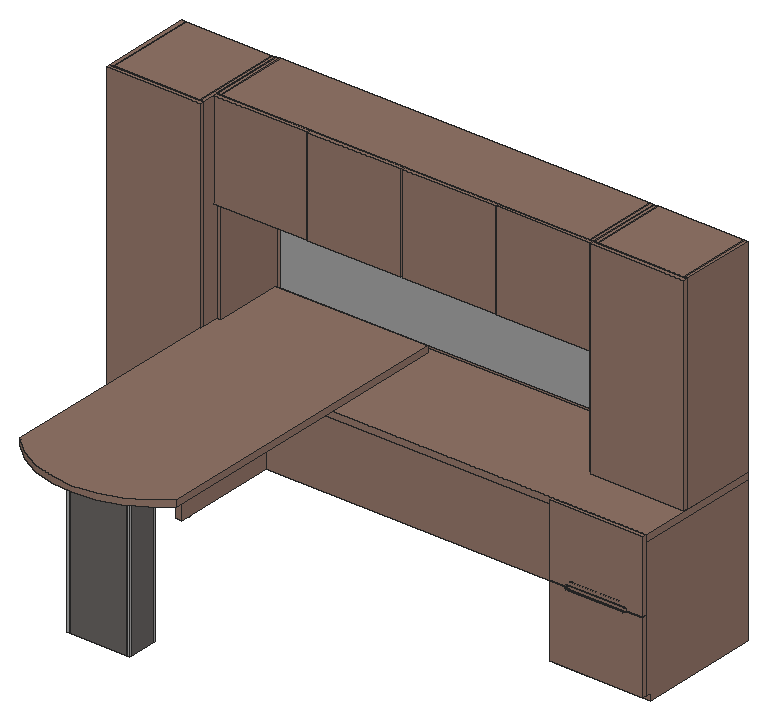
Revit family "OFS TYPICAL T100007", category Furniture, Revit 2022
Family settings
  OmniClass Number = 23.40.20.00
  OmniClass Title = General Furniture and Specialties
  Work Plane-Based = No
  Always vertical = Yes
  Cut with Voids When Loaded = No
  Render Appearance Source = Family Geometry
  Shared = No
  Room Calculation Point = No
Parameters (values of type "T100007")
  URL = "http://ofs.com/"
  Model = "T100007"
  Manufacturer = "OFS"
  Description = "OFS TYPICAL T100007"
  Default Elevation = 0' - 0"
  Copyright © = "©OFS 2024"
  Catalog = ""
  Authoring Version = "Autodesk Revit 2018"
  Assembly Code = "E2020200"
Reference planes (in)
  plane 1 "Center Front/Back": y = 0
  plane 2: z = 0
  plane 3 "Center Left/Right": x = 0
Dimensions and locks (in)
  aligned and locked: level to plane 2
Nested families (in)
  nested 1: "OFS SLATE STORAGE CABINET WARDROBE" at (-62.5, 0, 0), type "Storage Cabinet-Wardrobe 18D Right - 18W x 69H"
    with Top OFS SLATE Dark Wood, Right no, Left yes, Glides OFS SLATE Black Plastic, Door OFS SLATE Dark Wood, Case OFS SLATE Dark Wood, Base OFS SLATE Dark Wood
  nested 2: "OFS SLATE WORKSURFACE STORAGE CABINET" at (45.48755, 0, 0), type "Worksurface Storage Cabinet 39.5H - Single Door Right - 18W x 15D"
    with Top OFS SLATE Dark Wood, Panel OFS SLATE Dark Wood, Elevation 2' - 5 1/4", Door OFS SLATE Dark Wood, Case OFS SLATE Dark Wood, Base OFS SLATE Dark Wood, Back OFS SLATE Dark Wood
  nested 3: "OFS SLATE TACKBOARDS" at (-44.44995, 0, 0), type "Tackboard 72W x 19D"
    with Elevation 2' - 6 1/2", Board OFS SLATE White Fabric
  nested 4: "OFS SLATE HIGHBACK ORGANIZER" at (-44.51245, 0, 0), type "Highback Organizer 4 Doors 72W x 40H - 1 High"
    with Top OFS SLATE Dark Wood, Show Doors yes, Panel OFS SLATE Dark Wood, Elevation 2' - 5 1/4", Doors OFS SLATE Dark Wood, Center Doors no, Base Panel OFS SLATE Dark Wood, Base OFS SLATE Dark Wood, Back OFS SLATE Dark Wood
  nested 5: "OFS SLATE CREDENZA SINGLE LATERAL FILE" at (-44.51245, -24.00005, 0), type "Credenza Single Lateral 90W Right, 36 file"
    with Top OFS SLATE Dark Wood, Panel OFS SLATE Dark Wood, Mount Panel OFS SLATE Dark Wood, Glides OFS SLATE Black Plastic, Drawers OFS SLATE Dark Wood, Case OFS SLATE Dark Wood, Base OFS SLATE Dark Wood
  nested 6: "OFS SLATE OVERLAY RUNOFF DESK POST" at (-14.5, -1.25, 0) x (0, -1, 0) z (0, 0, 1), type "Overlay Runoff Desk with Post Base 66W x 30D - Arc End Top"
    with Worksurface OFS Dark Wood, Column Edge OFS Metal, Column OFS Black Wood
Definition of nested family "OFS SLATE STORAGE CABINET WARDROBE"
  Parameters (values of type "Storage Cabinet-Wardrobe 18D Left - 12W x 69H")
    Width = 1' - 0"
    URL = "http://www.ofs.com/"
    Top [instance] = none
    Right [instance] = no
    Model = "CA-121869LSW"
    Manufacturer = "CAROLINA"  # constant formula
    Left [instance] = yes
    Height = 5' - 9"
    Glides [instance] = none
    Door [instance] = none
    Description = "OFS SLATE Storage Cabinet/Wardrobe Left 12W x 18D x 68.75H, Slate Private Office"
    Depth = 1' - 6"
    Default Elevation = 0' - 0"
    Copyright © = "© 2019 OFS"  # constant formula
    Catalog = "https://ofs.com/products/tables/conference/slate"  # constant formula
    Case [instance] = none
    Base [instance] = none
    Authoring Version = "Autodesk Revit Architecture 2014"  # constant formula
    Assembly Code = "E2020200"
  Types (16): name | Width | Right | Model | Left | Height | Description | Depth
    Storage Cabinet-Wardrobe 24.75D Left - 18W x 81H | 1' - 6" | no | "CA-18481LSW" | yes | 6' - 9" | "OFS SLATE Storage Cabinet/Wardrobe Left 18W x 24.75D x 80.75H, Slate Private Office" | 2' - 0"
    Storage Cabinet-Wardrobe 24.75D Left - 12W x 81H | 1' - 0" | no | "CA-122481LSW" | yes | 6' - 9" | "OFS SLATE Storage Cabinet/Wardrobe Left 12W x 24.75D x 80.75H, Slate Private Office" | 2' - 0"
    Storage Cabinet-Wardrobe 24.75D Left - 18W x 69H | 1' - 6" | no | "CA-182469LSW" | yes | 5' - 9" | "OFS SLATE Storage Cabinet/Wardrobe Left 18W x 24.75D x 68.75H, Slate Private Office" | 2' - 0"
    Storage Cabinet-Wardrobe 24.75D Left - 12W x 69H | 1' - 0" | no | "CA-122469LSW" | yes | 5' - 9" | "OFS SLATE Storage Cabinet/Wardrobe Left 12W x 24.75D x 68.75H, Slate Private Office" | 2' - 0"
    Storage Cabinet-Wardrobe 24.75D Right - 18W x 81H | 1' - 6" | yes | "CA-182481RSW" | no | 6' - 9" | "OFS SLATE Storage Cabinet/Wardrobe Right 18W x 24.75D x 80.75H, Slate Private Office" | 2' - 0"
    Storage Cabinet-Wardrobe 24.75D Right - 12W x 81H | 1' - 0" | yes | "CA-122481RSW" | no | 6' - 9" | "OFS SLATE Storage Cabinet/Wardrobe Right 12W x 24.75D x 80.75H, Slate Private Office" | 2' - 0"
    Storage Cabinet-Wardrobe 24.75D Right - 18W x 69H | 1' - 6" | yes | "CA-182469RSW" | no | 5' - 9" | "OFS SLATE Storage Cabinet/Wardrobe Right 18W x 24.75D x 68.75H, Slate Private Office" | 2' - 0"
    Storage Cabinet-Wardrobe 24.75D Right - 12W x 69H | 1' - 0" | yes | "CA-122469RSW" | no | 5' - 9" | "OFS SLATE Storage Cabinet/Wardrobe Right 12W x 24.75D x 68.75H, Slate Private Office" | 2' - 0"
    Storage Cabinet-Wardrobe 18D Left - 18W x 81H | 1' - 6" | no | "CA-181881LSW" | yes | 6' - 9" | "OFS SLATE Storage Cabinet/Wardrobe Left 18W x 18D x 80.75H, Slate Private Office" | 1' - 6"
    Storage Cabinet-Wardrobe 18D Left - 12W x 81H | 1' - 0" | no | "CA-121881LSW" | yes | 6' - 9" | "OFS SLATE Storage Cabinet/Wardrobe Left 12W x 18D x 80.75H, Slate Private Office" | 1' - 6"
    Storage Cabinet-Wardrobe 18D Left - 18W x 69H | 1' - 6" | no | "CA-181869LSW" | yes | 5' - 9" | "OFS SLATE Storage Cabinet/Wardrobe Left 18W x 18D x 68.75H, Slate Private Office" | 1' - 6"
    Storage Cabinet-Wardrobe 18D Left - 12W x 69H | 1' - 0" | no | "CA-121869LSW" | yes | 5' - 9" | "OFS SLATE Storage Cabinet/Wardrobe Left 12W x 18D x 68.75H, Slate Private Office" | 1' - 6"
    Storage Cabinet-Wardrobe 18D Right - 18W x 81H | 1' - 6" | yes | "CA-181881RSW" | no | 6' - 9" | "OFS SLATE Storage Cabinet/Wardrobe Right 18W x 18D x 80.75H, Slate Private Office" | 1' - 6"
    Storage Cabinet-Wardrobe 18D Right - 12W x 81H | 1' - 0" | yes | "CA-121881RSW" | no | 6' - 9" | "OFS SLATE Storage Cabinet/Wardrobe Right 12W x 18D x 80.75H, Slate Private Office" | 1' - 6"
    Storage Cabinet-Wardrobe 18D Right - 18W x 69H | 1' - 6" | yes | "CA-181869RSW" | no | 5' - 9" | "OFS SLATE Storage Cabinet/Wardrobe Right 18W x 18D x 68.75H, Slate Private Office" | 1' - 6"
    Storage Cabinet-Wardrobe 18D Right - 12W x 69H | 1' - 0" | yes | "CA-121869RSW" | no | 5' - 9" | "OFS SLATE Storage Cabinet/Wardrobe Right 12W x 18D x 68.75H, Slate Private Office" | 1' - 6"
  Reference planes (in)
    plane 1 "Center (Front/Back)": y = 0
    plane 2: z = 0
    plane 3 "Center (Left/Right)": x = 0
    plane 4: x = 12
    plane 5: x = 6
    plane 6: y = -18
    plane 7: y = -21.66451
    plane 8: z = 68.7
    plane 9: z = 68.6375
    plane 10: z = 67.95
    plane 11: z = 1.7625
    plane 12: z = 2.45
    plane 13: z = 1.7
    plane 14: z = 0.45
    plane 15: z = 69
  Dimensions and locks (in)
    "Width": plane 3 "Center (Left/Right)" to plane 4
    equal spacing: plane 3 "Center (Left/Right)", plane 5, plane 4
    plane 15 to plane 8 to plane 9 to plane 10 = 0' - 0.3" locked, 0' - 0 1/16" locked, 0' - 0 11/16" locked
    plane 12 to plane 11 to plane 13 to plane 14 to level = 0' - 0 11/16" locked, 0' - 0 1/16" locked, 0' - 1 1/4" locked, 0' - 0.45" locked
    "Height": plane 15 to level
    equal spacing: nested 3, nested 4, plane 3 "Center (Left/Right)"
    locked: plane 7 to plane 6 at 3.66451
    "Depth": plane 6 to plane 1 "Center (Front/Back)"
    aligned and locked: level to plane 2
    aligned and locked: nested 1 to plane 7
    aligned and locked: plane 5 to nested 1
    aligned and locked: nested 4 to plane 7
  Nested families (in)
    nested 1: "Tag" at (6, -21.66451, 0) x (-1, 0, 0) z (0, 0, 1), visible <- "Left", type "Center", detail levels fine
      with Offset (LR) 0' - 0", Distance of Center (not Change) 0' - 0.11"
    nested 2: "OFS_Slate Private Office_Storage_Cabinet_Wardrobe" at (0, 0, 0), Top <- "Top", Glides <- "Glides", Drawers <- "Door", Case <- "Case", Base <- "Base", visible <- "Left", type "OFS_Slate Private Office_Storage_Cabinet_Wardrobe"
      with Top none, Right no, Left yes, Glides none, Drawers none, Case none, Base none
    nested 3: "OFS_Slate Private Office_Storage_Cabinet_Wardrobe" at (0, 0, 0) x (-1, 0, 0) z (0, 0, 1), Top <- "Top", Glides <- "Glides", Drawers <- "Door", Case <- "Case", Base <- "Base", visible <- "Right", type "OFS_Slate Private Office_Storage_Cabinet_Wardrobe"
      with Top none, Right no, Left yes, Glides none, Drawers none, Case none, Base none
    nested 4: "Tag" at (-6, -21.66451, 0), visible <- "Right", type "Center", detail levels fine
      with Offset (LR) 0' - 0", Distance of Center (not Change) 0' - 0.11"
  Definition of nested family "OFS_Slate Private Office_Storage_Cabinet_Wardrobe"
    Parameters
      Width = 1' - 0"
      URL = "http://www.ofsbrands.com/"
      Top [instance] = none
      Right [instance] = no
      Model = "Type Catalog"
      Manufacturer = "OFS BRANDS"  # constant formula
      Left [instance] = yes
      Height = 5' - 9"
      Glides [instance] = none
      Drawers [instance] = none
      Description = "Type Catalog"
      Depth = 1' - 6"
      Default Elevation = 0' - 0"
      Copyright © = "© 2016 OFS BRANDS"  # constant formula
      Catalog = "OFS"  # constant formula
      Case [instance] = none
      Base [instance] = none
      Authoring Version = "Autodesk Revit Architecture 2014"  # constant formula
      Assembly Code = "E2020200"
    Reference planes (in)
      plane 1 "Center (Front/Back)": y = 0
      plane 2: z = 0
      plane 3 "Center (Left/Right)": x = 0
      plane 4: x = 12
      plane 5: x = 6
      plane 6: y = -0.75
      plane 7: y = -1.37544
      plane 8: y = -18
      plane 9: y = -17.25
      plane 10: y = -16.375
      plane 11: y = -14.99956
      plane 12: y = -15.625
      plane 13: y = -21.66451
      plane 14: x = 0.75
      plane 15: x = 2.25
      plane 16: x = 9.75
      plane 17: x = 11.25
      plane 18: z = 68.7
      plane 19: z = 68.6375
      plane 20: z = 67.95
      plane 21: z = 1.7625
      plane 22: z = 2.45
      plane 23: z = 1.7
      plane 24: z = 0.45
      plane 25: z = 69
    Forms (in)
      Revolve 1, solid, material <- "Glides"
        sketch origin (14.86463, -1.37544, 140) x (1, 0, 0) y (0, 0, 1)
          loop
            line (-13.47373, -139.55) -> (-13.72373, -139.55) -> (-13.72373, -139.74756) -> (-13.76241, -139.74756)
            arc (-13.76241, -139.74756) -> (-13.84683, -139.89216) -> (-13.71873, -140) r 0.13
            line (-13.71873, -140) -> (-13.47373, -140) -> (-13.47373, -139.55)
          axis (-13.47373, -139.55) -> (-13.47373, -140)
        angle from 0 to 360
      Revolve 2, solid, material <- "Glides"
        sketch origin (-2.86463, -1.37544, 140) x (-1, 0, 0) y (0, 0, -1)
          loop
            line (-13.47373, 139.55) -> (-13.47373, 140) -> (-13.71873, 140)
            arc (-13.71873, 140) -> (-13.84683, 139.89216) -> (-13.76241, 139.74756) r 0.13
            line (-13.76241, 139.74756) -> (-13.72373, 139.74756) -> (-13.72373, 139.55) -> (-13.47373, 139.55)
          axis (-13.47373, 139.55) -> (-13.47373, 140)
        angle from 0 to 360
      Revolve 3, solid, material <- "Glides"
        sketch origin (14.86463, -14.99956, 140) x (1, 0, 0) y (0, 0, 1)
          loop
            line (-13.47373, -139.55) -> (-13.72373, -139.55) -> (-13.72373, -139.74756) -> (-13.76241, -139.74756)
            arc (-13.76241, -139.74756) -> (-13.84683, -139.89216) -> (-13.71873, -140) r 0.13
            line (-13.71873, -140) -> (-13.47373, -140) -> (-13.47373, -139.55)
          axis (-13.47373, -139.55) -> (-13.47373, -140)
        angle from 0 to 360
      Revolve 4, solid, material <- "Glides"
        sketch origin (14.86463, -14.99956, 140) x (1, 0, 0) y (0, 0, 1)
          loop
            line (-4.25553, -139.55) -> (-4.25553, -140) -> (-4.01053, -140)
            arc (-4.01053, -140) -> (-3.88244, -139.89216) -> (-3.96686, -139.74756) r 0.13
            line (-3.96686, -139.74756) -> (-4.00553, -139.74756) -> (-4.00553, -139.55) -> (-4.25553, -139.55)
          axis (-4.25553, -139.55) -> (-4.25553, -140)
        angle from 0 to 360
      Extrusion 5, solid, material <- "Case"
        sketch origin (-18.37457, -60, 0.45) x (-1, 0, 0) y (0, -1, 0)
          loop
            line (-19.12457, -59.25) -> (-19.12457, -57.75) -> (-20.62457, -57.75) -> (-20.62457, -59.25) -> (-19.12457, -59.25)
          loop
            line (-28.12457, -59.25) -> (-28.12457, -57.75) -> (-29.62457, -57.75) -> (-29.62457, -59.25) -> (-28.12457, -59.25)
          loop
            line (-19.12457, -44.375) -> (-20.62457, -44.375) -> (-20.62457, -45.875) -> (-19.12457, -45.875) -> (-19.12457, -44.375)
          loop
            line (-28.12457, -44.375) -> (-29.62457, -44.375) -> (-29.62457, -45.875) -> (-28.12457, -45.875) -> (-28.12457, -44.375)
        from 0 to 1.25
      Sweep 6, solid, material <- "Case"
        path origin (-18.37457, -60, 0.45) x (-1, 0, 0) y (0, -1, 0)
          loop
            line (-19.12457, -60) -> (-19.12457, -44.375) -> (-29.62457, -44.375) -> (-29.62457, -60)
        profile origin (6, -15.625, 0.45) x (0, 1, 0) y (0, 0, 1)
          loop
            line (0, 0) -> (0, 1.25) -> (-0.75, 1.25) -> (-0.75, 0) -> (0, 0)
      Extrusion 7, solid, material <- "Case"
        sketch origin (0, 0, 0) x (1, 0, 0) y (0, 0, 1)
          loop
            line (0, 1.7) -> (0.75, 1.7) -> (0.75, 68.7) -> (0, 68.7) -> (0, 1.7)
          loop
            line (12, 1.7) -> (12, 68.7) -> (11.25, 68.7) -> (11.25, 1.7) -> (12, 1.7)
        from 0 to 17.25
      Extrusion 8, solid, material <- "Drawers"
        sketch origin (-3.04745, -18, 140) x (-1, 0, 0) y (0, 0, 1)
          loop
            line (-14.98502, -138.2375) -> (-3.10988, -138.2375) -> (-3.10988, -71.3625) -> (-14.98502, -71.3625) -> (-14.98502, -138.2375)
        from 0 to 0.75
      Extrusion 9, solid, material <- "Top"
        sketch origin (0.75, 2.87053, 140) x (0, 1, 0) y (0, 0, 1)
          loop
            line (-2.87053, -71.3) -> (-20.12053, -71.3) -> (-20.12053, -72.05) -> (-2.87053, -72.05) -> (-2.87053, -71.3)
        from 0 to 10.5
      Extrusion 10, solid, material <- "Base"
        sketch origin (0.75, 2.87053, 140) x (0, 1, 0) y (0, 0, 1)
          loop
            line (-3.62053, -137.55) -> (-20.12053, -137.55) -> (-20.12053, -138.3) -> (-3.62053, -138.3) -> (-3.62053, -137.55)
        from 0 to 10.5
      Extrusion 11, solid, material <- "Case"
        sketch origin (-18.37457, -60, 0.45) x (-1, 0, 0) y (0, -1, 0)
          loop
            line (-19.12457, -60) -> (-19.12457, -59.25) -> (-29.62457, -59.25) -> (-29.62457, -60) -> (-19.12457, -60)
        from 0 to 67.5
    Cuts and joins
      joined: Sweep 6, Extrusion 7
      joined: Revolve 1, Revolve 2, Revolve 3, Revolve 4
    Lines and regions (in)
      Masking region 1
        outline origin (-18.37457, -60, 68.7) x (-1, 0, 0) y (0, -1, 0)
          loop
            line (-18.37457, -60) -> (-18.37457, -42) -> (-30.37457, -42) -> (-30.37457, -60) -> (-18.37457, -60)
      symbolic lines, detail levels medium+fine
        curve 1: line (0, -18, 68.7) -> (12, -21.66451, 68.7)
        curve 2: line (12, -21.66451, 68.7) -> (12, -18, 68.7)
    Dimensions and locks (in)
      "Width": plane 3 "Center (Left/Right)" to plane 4
      equal spacing: plane 3 "Center (Left/Right)", plane 5, plane 4
      plane 3 "Center (Left/Right)" to plane 14 to plane 15 = 0' - 0 3/4" locked, 0' - 1 1/2" locked
      plane 16 to plane 17 to plane 4 = 0' - 1 1/2" locked, 0' - 0 3/4" locked
      plane 13 to plane 8 to plane 9 to plane 10 to plane 12 to plane 11 = 0' - 3.66451" locked, 0' - 0 3/4" locked, 0' - 0 7/8" locked, 0' - 0 3/4" locked, 0' - 0.62544" locked
      plane 7 to plane 6 to plane 1 "Center (Front/Back)" = 0' - 0.62544" locked, 0' - 0 3/4" locked
      "Depth": plane 8 to plane 1 "Center (Front/Back)"
      plane 25 to plane 18 to plane 19 to plane 20 = 0' - 0.3" locked, 0' - 0 1/16" locked, 0' - 0 11/16" locked
      plane 22 to plane 21 to plane 23 to plane 24 to level = 0' - 0 11/16" locked, 0' - 0 1/16" locked, 0' - 1 1/4" locked, 0' - 0.45" locked
      "Height": plane 25 to level
      aligned and locked: level to plane 2
      aligned and locked: Extrusion 5 sketch curve to plane 6  (x2)
      aligned and locked: plane 14 to Extrusion 5 sketch curve
      aligned and locked: Extrusion 5 sketch curve to plane 15
      aligned and locked: plane 16 to Extrusion 5 sketch curve
      aligned and locked: plane 17 to Extrusion 5 sketch curve
      aligned and locked: Extrusion 5 sketch curve to plane 12  (x2)
      aligned and locked: Extrusion 5 sketch curve to plane 14
      aligned and locked: plane 15 to Extrusion 5 sketch curve
      aligned and locked: Extrusion 5 sketch curve to plane 16
      aligned and locked: Extrusion 5 sketch curve to plane 17
      aligned and locked: plane 23 to Extrusion 5
      aligned and locked: Sweep 6 sketch curve to plane 12
      aligned and locked: plane 18 to Extrusion 7 sketch curve
      aligned and locked: Extrusion 7 sketch curve to plane 3 "Center (Left/Right)"
      aligned and locked: plane 14 to Extrusion 7 sketch curve
      aligned and locked: Extrusion 7 sketch curve to plane 18
      aligned and locked: Extrusion 7 sketch curve to plane 17
      aligned and locked: Extrusion 7 sketch curve to plane 4
      aligned and locked: plane 9 to Extrusion 7
      aligned and locked: plane 19 to Extrusion 8 sketch curve
      aligned and locked: plane 21 to Extrusion 8 sketch curve
      aligned and locked: Extrusion 9 sketch curve to plane 9
      aligned and locked: Extrusion 9 sketch curve to plane 18
      aligned and locked: plane 20 to Extrusion 9 sketch curve
      aligned and locked: plane 1 "Center (Front/Back)" to Extrusion 9 sketch curve
      aligned and locked: Extrusion 10 sketch curve to plane 22
      aligned and locked: Extrusion 10 sketch curve to plane 6
      aligned and locked: Extrusion 10 to plane 17
      aligned and locked: Extrusion 11 sketch curve to Extrusion 10
      aligned and locked: plane 20 to Extrusion 11
      aligned and locked: Extrusion 9 to plane 17
      aligned and locked: plane 14 to Sweep 6 sketch curve
      aligned and locked: plane 17 to Sweep 6 sketch curve
      aligned and locked: Extrusion 11 to plane 24
      aligned and locked: Masking region 1 sketch curve to plane 4
      aligned and locked: plane 3 "Center (Left/Right)" to Masking region 1 sketch curve
      aligned and locked: plane 1 "Center (Front/Back)" to Masking region 1 sketch curve
      aligned and locked: plane 8 to Masking region 1 sketch curve
      aligned and locked: plane 13 to curve 1
      aligned and locked: plane 4 to curve 1
      aligned and locked: plane 3 "Center (Left/Right)" to curve 1
      aligned and locked: plane 8 to curve 1
      aligned and locked: plane 8 to curve 2
      aligned and locked: Extrusion 7 sketch curve to plane 23
      aligned and locked: plane 23 to Extrusion 7 sketch curve
      aligned and locked: plane 1 "Center (Front/Back)" to Sweep 6 sketch curve  (x2)
    Automatic sketch dimensions
      Revolve 1 sketch curve to plane 24 = 0' - 0"
      Revolve 1 sketch curve to level = 0' - 0"
      Revolve 1 sketch curve to plane 24 = 0' - 0.19756"
      plane 14 to Revolve 1 sketch curve = 0' - 0.35223"
      Revolve 1 sketch curve to Revolve 1 sketch curve = 0' - 0.03868"
      Revolve 1 sketch curve to Revolve 1 sketch curve = 0' - 0.005"
      Revolve 1 sketch curve to Revolve 1 sketch curve = 0' - 0.245"
      Revolve 1 sketch curve to Revolve 1 sketch curve = 0' - 0"
      Revolve 1 sketch curve to level = 0' - 0.14265"
      Revolve 1 sketch curve to Revolve 1 sketch curve = 0' - 0.19756"
      Revolve 2 sketch curve to plane 24 = 0' - 0"
      Revolve 2 sketch curve to level = 0' - 0"
      Revolve 2 sketch curve to plane 24 = 0' - 0.19756"
      plane 17 to Revolve 2 sketch curve = 0' - 0.35223"
      Revolve 2 sketch curve to Revolve 2 sketch curve = 0' - 0.03868"
      Revolve 2 sketch curve to Revolve 2 sketch curve = 0' - 0.005"
      Revolve 2 sketch curve to Revolve 2 sketch curve = 0' - 0.245"
      Revolve 2 sketch curve to Revolve 2 sketch curve = 0' - 0"
      Revolve 2 sketch curve to Revolve 2 sketch curve = 0' - 0.19756"
      Revolve 2 sketch curve to level = 0' - 0.14265"
      Revolve 3 sketch curve to plane 24 = 0' - 0"
      Revolve 3 sketch curve to level = 0' - 0"
      Revolve 3 sketch curve to plane 24 = 0' - 0.19756"
      plane 14 to Revolve 3 sketch curve = 0' - 0.35223"
      Revolve 3 sketch curve to Revolve 3 sketch curve = 0' - 0.03868"
      Revolve 3 sketch curve to Revolve 3 sketch curve = 0' - 0.005"
      Revolve 3 sketch curve to Revolve 3 sketch curve = 0' - 0.245"
      Revolve 3 sketch curve to Revolve 3 sketch curve = 0' - 0"
      Revolve 3 sketch curve to level = 0' - 0.14265"
      Revolve 3 sketch curve to Revolve 3 sketch curve = 0' - 0.19756"
      Revolve 4 sketch curve to plane 24 = 0' - 0"
      Revolve 4 sketch curve to level = 0' - 0"
      plane 17 to Revolve 4 sketch curve = 0' - 0.6409"
      Revolve 4 sketch curve to Revolve 4 sketch curve = 0' - 0.245"
      Revolve 4 sketch curve to Revolve 4 sketch curve = 0' - 0.005"
      Revolve 4 sketch curve to Revolve 4 sketch curve = 0' - 0.03868"
      Revolve 4 sketch curve to Revolve 4 sketch curve = 0' - 0.13"
      Revolve 4 sketch curve to Revolve 4 sketch curve = 0' - 0"
      Revolve 4 sketch curve to level = 0' - 0.14265"
      Revolve 4 sketch curve to Revolve 4 sketch curve = 0' - 0.19756"
      plane 7 to Extrusion 5 sketch curve = 0' - 0.87456"  (x2)
      Extrusion 5 sketch curve to plane 11 = 0' - 0.87456"  (x2)
      Sweep 6 sketch curve to plane 24 = 0' - 0"
      Sweep 6 sketch curve to profile plane = 0' - 0"
      profile plane to Sweep 6 sketch curve = 0' - 0 3/4"
      Sweep 6 sketch curve to Sweep 6 sketch curve = 0' - 1 1/4"
      Extrusion 8 sketch curve to plane 4 = 0' - 0.06243"
      plane 3 "Center (Left/Right)" to Extrusion 8 sketch curve = 0' - 0.06243"
      Extrusion 11 sketch curve to plane 6 = 0' - 0"
      Extrusion 10 sketch curve to plane 9 = 0' - 0"
      Extrusion 10 sketch curve to plane 23 = 0' - 0"
      Extrusion 11 sketch curve to plane 14 = 0' - 0"
      plane 1 "Center (Front/Back)" to Extrusion 11 sketch curve = 0' - 0"
  Definition of nested family "Tag"
    Parameters
      P_Width = 0' - 0"
      Text_Width = "Empty"
      Text_Height = "Empty"
      Text_Diameter = "Empty"
      Text_Depth = "Empty"
      Offset (LR) [instance] = 0' - 0"
      Model Name = "Type Catalog"
      P_Height = 0' - 0"
      Distance of Center (not Change) = 0' - 0.1"
      P_Diameter = 0' - 0"
      P_Depth = 0' - 0"
    Reference planes (in)
      plane 1: y = 0
      plane 2: x = 0
    Lines and regions (in)
      reference lines
        curve 1: line (-0.44359, 0.1, 0) -> (0.41085, 0.1, 0)
        curve 3: line (0, 0.42564, 0) -> (0, -0.30221, 0)
      reference lines, not visible
        curve 2: line (-0.44359, 0.09843, 0) -> (0.41085, 0.09843, 0)
        curve 4: line (0, 0.42407, 0) -> (0, -0.30379, 0)
    Text (in)
      label "Empty" at (0.00197, 0.0921, 0), shows "Model Name"
      label "Empty" at (0.00197, 0.09052, 0), shows "Model Name", not visible
    Dimensions and locks (in)
      "Distance of Center (not Change)": plane 1 to curve 1
      "Offset (LR)": curve 3 to plane 2
    Automatic sketch dimensions
      curve 1 to curve 3 = 0' - 0.44359"
      curve 3 to curve 1 = 0' - 0.41085"
      curve 3 to curve 1 = 0' - 0.40221"
      curve 1 to curve 3 = 0' - 0.32564"
      curve 2 to curve 4 = 0' - 0.44359"
      curve 4 to curve 2 = 0' - 0.41085"
      curve 4 to curve 2 = 0' - 0.40221"
      curve 2 to curve 4 = 0' - 0.32564"
Definition of nested family "OFS SLATE WORKSURFACE STORAGE CABINET"
  Parameters (values of type "Worksurface Storage Cabinet Legal Depth 39.5H - Single Door Left - 18W x 15D")
    Width = 1' - 6"
    URL = "http://www.ofs.com/"
    Top [instance] = none
    Single Door = yes
    Right = no
    Panel [instance] = none
    Model = "CA-181840WSCL"
    Manufacturer = "CAROLINA"
    Left = yes
    Height = 3' - 4"
    Elevation [instance] = 2' - 5 1/4"
    Door [instance] = none
    Double Doors = no
    Doors = or(Double Doors, Left)  # yes
    Description = "OFS SLATE Worksurface Storage Cabinet, Legal Depth, Single Door Left 18W x 15D x 39.5H, Slate Private Office"
    Depth = 1' - 6"
    Default Elevation = 0' - 0"
    Copyright © = "© 2019 OFS"
    Catalog = "https://ofs.com/products/tables/conference/slate"
    Case [instance] = none
    Base [instance] = none
    Back [instance] = none
    Authoring Version = "Autodesk Revit Architecture 2014"
    Assembly Code = "E2020200"
  Types (24): name | Width | Single Door | Right | Model | Left | Height | Double Doors | Doors | Description | Depth
    Worksurface Storage Cabinet Legal Depth 51.5H - Double Doors - 36W x 15D | 3' - 0" | no | no | "CA-361852WSC" | no | 4' - 4" | yes | yes | "OFS SLATE Worksurface Storage Cabinet, Legal Depth, Double Doors 36W x 15D x 51.5H, Slate Private Office" | 1' - 6"
    Worksurface Storage Cabinet Legal Depth 51.5H - Double Doors - 30W x 15D | 2' - 6" | no | no | "CA-301852WSC" | no | 4' - 4" | yes | yes | "OFS SLATE Worksurface Storage Cabinet, Legal Depth, Double Doors 30W x 15D x 51.5H, Slate Private Office" | 1' - 6"
    Worksurface Storage Cabinet Legal Depth 39.5H - Double Doors - 36W x 15D | 3' - 0" | no | no | "CA-361840WSC" | no | 3' - 4" | yes | yes | "OFS SLATE Worksurface Storage Cabinet, Legal Depth, Double Doors 36W x 15D x 39.5H, Slate Private Office" | 1' - 6"
    Worksurface Storage Cabinet Legal Depth 39.5H - Double Doors - 30W x 15D | 2' - 6" | no | no | "CA-301840WSC" | no | 3' - 4" | yes | yes | "OFS SLATE Worksurface Storage Cabinet, Legal Depth, Double Doors 30W x 15D x 39.5H, Slate Private Office" | 1' - 6"
    Worksurface Storage Cabinet Legal Depth 51.5H - Single Door Left - 24W x 15D | 2' - 0" | yes | no | "CA-241852WSCL" | yes | 4' - 4" | no | yes | "OFS SLATE Worksurface Storage Cabinet, Legal Depth, Single Door Left 24W x 15D x 51.5H, Slate Private Office" | 1' - 6"
    Worksurface Storage Cabinet Legal Depth 51.5H - Single Door Left - 18W x 15D | 1' - 6" | yes | no | "CA-181852WSCL" | yes | 4' - 4" | no | yes | "OFS SLATE Worksurface Storage Cabinet, Legal Depth, Single Door Left 18W x 15D x 51.5H, Slate Private Office" | 1' - 6"
    Worksurface Storage Cabinet Legal Depth 51.5H - Single Door Right - 24W x 15D | 2' - 0" | yes | yes | "CA-241852WSCR" | no | 4' - 4" | no | no | "OFS SLATE Worksurface Storage Cabinet, Legal Depth, Single Door Right 24W x 15D x 51.5H, Slate Private Office" | 1' - 6"
    Worksurface Storage Cabinet Legal Depth 51.5H - Single Door Right - 18W x 15D | 1' - 6" | yes | yes | "CA-181852WSCR" | no | 4' - 4" | no | no | "OFS SLATE Worksurface Storage Cabinet, Legal Depth, Single Door Right 18W x 15D x 51.5H, Slate Private Office" | 1' - 6"
    Worksurface Storage Cabinet Legal Depth 39.5H - Single Door Left - 24W x 15D | 2' - 0" | yes | no | "CA-241840WSCL" | yes | 3' - 4" | no | yes | "OFS SLATE Worksurface Storage Cabinet, Legal Depth, Single Door Left 24W x 15D x 39.5H, Slate Private Office" | 1' - 6"
    Worksurface Storage Cabinet Legal Depth 39.5H - Single Door Left - 18W x 15D | 1' - 6" | yes | no | "CA-181840WSCL" | yes | 3' - 4" | no | yes | "OFS SLATE Worksurface Storage Cabinet, Legal Depth, Single Door Left 18W x 15D x 39.5H, Slate Private Office" | 1' - 6"
    Worksurface Storage Cabinet Legal Depth 39.5H - Single Door Right - 24W x 15D | 2' - 0" | yes | yes | "CA-241840WSCR" | no | 3' - 4" | no | no | "OFS SLATE Worksurface Storage Cabinet, Legal Depth, Single Door Right 24W x 15D x 39.5H, Slate Private Office" | 1' - 6"
    Worksurface Storage Cabinet Legal Depth 39.5H - Single Door Right - 18W x 15D | 1' - 6" | yes | yes | "CA-181840WSCR" | no | 3' - 4" | no | no | "OFS SLATE Worksurface Storage Cabinet, Legal Depth, Single Door Right 18W x 15D x 39.5H, Slate Private Office" | 1' - 6"
    Worksurface Storage Cabinet 51.5H - Double Doors - 36W x 15D | 3' - 0" | no | no | "CA-3652WSC" | no | 4' - 4" | yes | yes | "OFS SLATE Worksurface Storage Cabinet Double Doors 36W x 15D x 51.5H, Slate Private Office" | 1' - 3"
    Worksurface Storage Cabinet 51.5H - Double Doors - 30W x 15D | 2' - 6" | no | no | "CA-3052WSC" | no | 4' - 4" | yes | yes | "OFS SLATE Worksurface Storage Cabinet Double Doors 30W x 15D x 51.5H, Slate Private Office" | 1' - 3"
    Worksurface Storage Cabinet 39.5H - Double Doors - 36W x 15D | 3' - 0" | no | no | "CA-3640WSC" | no | 3' - 4" | yes | yes | "OFS SLATE Worksurface Storage Cabinet Double Doors 36W x 15D x 39.5H, Slate Private Office" | 1' - 3"
    Worksurface Storage Cabinet 39.5H - Double Doors - 30W x 15D | 2' - 6" | no | no | "CA-3040WSC" | no | 3' - 4" | yes | yes | "OFS SLATE Worksurface Storage Cabinet Double Doors 30W x 15D x 39.5H, Slate Private Office" | 1' - 3"
    Worksurface Storage Cabinet 51.5H - Single Door Left - 24W x 15D | 2' - 0" | yes | no | "CA-2452WSCL" | yes | 4' - 4" | no | yes | "OFS SLATE Worksurface Storage Cabinet Single Door Left 24W x 15D x 51.5H, Slate Private Office" | 1' - 3"
    Worksurface Storage Cabinet 51.5H - Single Door Left - 18W x 15D | 1' - 6" | yes | no | "CA-1852WSCL" | yes | 4' - 4" | no | yes | "OFS SLATE Worksurface Storage Cabinet Single Door Left 18W x 15D x 51.5H, Slate Private Office" | 1' - 3"
    Worksurface Storage Cabinet 51.5H - Single Door Right - 24W x 15D | 2' - 0" | yes | yes | "CA-2452WSCR" | no | 4' - 4" | no | no | "OFS SLATE Worksurface Storage Cabinet Single Door Right 24W x 15D x 51.5H, Slate Private Office" | 1' - 3"
    Worksurface Storage Cabinet 51.5H - Single Door Right - 18W x 15D | 1' - 6" | yes | yes | "CA-1852WSCR" | no | 4' - 4" | no | no | "OFS SLATE Worksurface Storage Cabinet Single Door Right 18W x 15D x 51.5H, Slate Private Office" | 1' - 3"
    Worksurface Storage Cabinet 39.5H - Single Door Left - 24W x 15D | 2' - 0" | yes | no | "CA-2440WSCL" | yes | 3' - 4" | no | yes | "OFS SLATE Worksurface Storage Cabinet Single Door Left 24W x 15D x 39.5H, Slate Private Office" | 1' - 3"
    Worksurface Storage Cabinet 39.5H - Single Door Left - 18W x 15D | 1' - 6" | yes | no | "CA-1840WSCL" | yes | 3' - 4" | no | yes | "OFS SLATE Worksurface Storage Cabinet Single Door Left 18W x 15D x 39.5H, Slate Private Office" | 1' - 3"
    Worksurface Storage Cabinet 39.5H - Single Door Right - 24W x 15D | 2' - 0" | yes | yes | "CA-2440WSCR" | no | 3' - 4" | no | no | "OFS SLATE Worksurface Storage Cabinet Single Door Right 24W x 15D x 39.5H, Slate Private Office" | 1' - 3"
    Worksurface Storage Cabinet 39.5H - Single Door Right - 18W x 15D | 1' - 6" | yes | yes | "CA-1840WSCR" | no | 3' - 4" | no | no | "OFS SLATE Worksurface Storage Cabinet Single Door Right 18W x 15D x 39.5H, Slate Private Office" | 1' - 3"
  Reference planes (in)
    plane 1 "Center (Front/Back)": y = 0
    plane 2: z = 0
    plane 3 "Center (Left/Right)": x = 0
    plane 4: x = 18
    plane 5: x = 9
    plane 6: z = 29.3125
    plane 7: z = 29.25
    plane 8: z = 68.6875
    plane 9: z = 30
    plane 10: z = 68.75
    plane 11: z = 68
    plane 12: z = 69.25
  Dimensions and locks (in)
    "Width": plane 3 "Center (Left/Right)" to plane 4
    equal spacing: plane 3 "Center (Left/Right)", plane 5, plane 4
    plane 12 to plane 10 to plane 8 to plane 11 = 0' - 0 1/2" locked, 0' - 0 1/16" locked, 0' - 0 11/16" locked
    plane 9 to plane 6 to plane 7 = 0' - 0 11/16" locked, 0' - 0 1/16" locked
    "Height": plane 12 to plane 7
    "Elevation": plane 7 to level
    equal spacing: nested 2, nested 4, plane 3 "Center (Left/Right)"
    aligned and locked: level to plane 2
    aligned and locked: nested 3 to nested 1
    aligned and locked: plane 5 to nested 3
    aligned and locked: nested 4 to nested 3
  Nested families (in)
    nested 1: "OFS_Slate Private Office_Worksurface_Storage_Cabinet" at (0, 0, 0), visible <- "Doors", Top <- "Top", Panel <- "Panel", Drawers <- "Door", Case <- "Case", Base <- "Base", Back <- "Back", Elevation <- "Elevation", Double Doors <- "Double Doors", Left <- "Left", type "OFS_Slate Private Office_Worksurface_Storage_Cabinet"
      with Top none, Single Door yes, Right no, Panel none, Left yes, Elevation 2' - 5 1/4", Drawers none, Double Doors no, Case none, Base none, Back none, Depth 1' - 6"
    nested 2: "OFS_Slate Private Office_Worksurface_Storage_Cabinet" at (0, 0, 0) x (-1, 0, 0) z (0, 0, 1), visible <- "Right", Top <- "Top", Panel <- "Panel", Drawers <- "Door", Case <- "Case", Base <- "Base", Back <- "Back", Elevation <- "Elevation", type "OFS_Slate Private Office_Worksurface_Storage_Cabinet"
      with Top none, Single Door yes, Right no, Panel none, Left yes, Elevation 2' - 5 1/4", Drawers none, Double Doors no, Case none, Base none, Back none, Depth 1' - 6"
    nested 3: "Tag" at (9, -21, 0) x (-1, 0, 0) z (0, 0, 1), visible <- "Doors", type "Center", detail levels fine
      with Offset (LR) 0' - 0"
    nested 4: "Tag" at (-9, -21, 0), visible <- "Right", type "Center", detail levels fine
      with Offset (LR) 0' - 0"
  Definition of nested family "OFS_Slate Private Office_Worksurface_Storage_Cabinet"
    Parameters
      Width = 1' - 6"
      URL = "http://www.ofsbrands.com/"
      Top [instance] = none
      Single Door [instance] = yes
      Right [instance] = no
      Panel [instance] = none
      Model = "Type Catalog"
      Manufacturer = "OFS BRANDS"  # constant formula
      Left [instance] = yes
      Height = 3' - 4"
      Elevation [instance] = 2' - 5 1/4"
      Drawers [instance] = none
      Double Doors [instance] = no
      Description = "Type Catalog"
      Depth = 1' - 3"
      Default Elevation = 0' - 0"
      Copyright © = "© 2016 OFS BRANDS"  # constant formula
      Catalog = "OFS"  # constant formula
      Case [instance] = none
      Base [instance] = none
      Back [instance] = none
      Authoring Version = "Autodesk Revit Architecture 2014"  # constant formula
      Assembly Code = "E2020200"
    Reference planes (in)
      plane 1 "Center (Front/Back)": y = 0
      plane 2: z = 0
      plane 3 "Center (Left/Right)": x = 0
      plane 4: x = 0.75
      plane 5: x = 17.25
      plane 6: x = 18
      plane 7: x = 17.9375
      plane 8: x = 0.0625
      plane 9: x = 9
      plane 10: y = -0.75
      plane 11: y = -18
      plane 12: y = -15.10681
      plane 13: y = -14.35681
      plane 14: y = -14.25
      plane 15: z = 29.3125
      plane 16: z = 29.25
      plane 17: z = 68.6875
      plane 18: z = 30
      plane 19: z = 68.75
      plane 20: z = 68
      plane 21: z = 69.25
      plane 22: y = -15
    Forms (in)
      Extrusion 1, solid, material <- "Case"
        sketch origin (0, 0, 0) x (1, 0, 0) y (0, 0, 1)
          loop
            line (0, 68.75) -> (0, 29.25) -> (0.75, 29.25) -> (0.75, 68.75) -> (0, 68.75)
          loop
            line (17.25, 68.75) -> (17.25, 29.25) -> (18, 29.25) -> (18, 68.75) -> (17.25, 68.75)
        from 0 to 14.25
      Extrusion 2, solid, material <- "Drawers", visible <- "Double Doors"
        sketch origin (-3.04745, -15.10681, 47.24409) x (-1, 0, 0) y (0, 0, 1)
          loop
            line (-11.98495, 21.44341) -> (-11.98495, -17.9316) -> (-3.10995, -17.9316) -> (-3.10995, 21.44341) -> (-11.98495, 21.44341)
          loop
            line (-12.10995, 21.44341) -> (-20.98495, 21.44341) -> (-20.98495, -17.9316) -> (-12.10995, -17.9316) -> (-12.10995, 21.44341)
        from 0 to 0.75
      Extrusion 3, solid, material <- "Drawers", visible <- "Single Door"
        sketch origin (-3.04745, -15.10681, 47.24409) x (-1, 0, 0) y (0, 0, 1)
          loop
            line (-3.10995, 21.44341) -> (-20.98495, 21.44341) -> (-20.98495, -17.9316) -> (-3.10995, -17.9316) -> (-3.10995, 21.44341)
        from 0 to 0.75
      Extrusion 4, solid, material <- "Back"
        sketch origin (59.59592, -60, 29.25) x (0, -1, 0) y (-1, 0, 0)
          loop
            line (-60, 58.84592) -> (-60, 42.34592) -> (-59.25, 42.34592) -> (-59.25, 58.84592) -> (-60, 58.84592)
        from 0 to -38.75
      Extrusion 5, solid, material <- "Top"
        sketch origin (-3.04745, -14.25, 47.24409) x (-1, 0, 0) y (0, 0, 1)
          loop
            line (-3.79745, 20.7559) -> (-3.79745, 21.5059) -> (-20.29745, 21.5059) -> (-20.29745, 20.7559) -> (-3.79745, 20.7559)
        from 0 to 14.25
      Extrusion 6, solid, material <- "Base"
        sketch origin (-3.04745, -14.25, 47.24409) x (-1, 0, 0) y (0, 0, 1)
          loop
            line (-3.79745, -17.24409) -> (-20.29745, -17.24409) -> (-20.29745, -17.99409) -> (-3.79745, -17.99409) -> (-3.79745, -17.24409)
        from 0 to 13.5
    Lines and regions (in)
      Masking region 1
        outline origin (-58.79662, -60, 68.75) x (-1, 0, 0) y (0, -1, 0)
          loop
            line (-58.79662, -60) -> (-58.79662, -44.89319) -> (-76.79662, -44.89319) -> (-76.79662, -60) -> (-58.79662, -60)
      symbolic lines, visible <- "Left", detail levels medium+fine
        curve 1: line (0, -15.10681, 68.75) -> (18, -18, 68.75)
        curve 3: line (18, -18, 68.75) -> (18, -15.10681, 68.75)
      symbolic lines, detail levels medium+fine
        curve 2: line (18, -15.10681, 68.75) -> (0, -15.10681, 68.75)
      symbolic lines, visible <- "Right", detail levels medium+fine
        curve 4: line (0, -18, 68.75) -> (18, -15.10681, 68.75)
        curve 5: line (0, -15.10681, 68.75) -> (0, -18, 68.75)
      symbolic lines, visible <- "Double Doors", detail levels medium+fine
        curve 6: line (0, -15.10681, 68.75) -> (9, -18, 68.75)
        curve 7: line (18, -15.10681, 68.75) -> (9, -18, 68.75)
    Dimensions and locks (in)
      locked: plane 10 to plane 1 "Center (Front/Back)" at 0.75
      plane 14 to plane 13 to plane 22 to plane 12 to plane 11 = 0' - 0.10681" locked, 0' - 0.64319" locked, 0' - 0.10681" locked, 0' - 2.89319" locked
      plane 3 "Center (Left/Right)" to plane 8 to plane 4 = 0' - 0 1/16" locked, 0' - 0 11/16" locked
      plane 5 to plane 7 to plane 6 = 0' - 0 11/16" locked, 0' - 0 1/16" locked
      "Width": plane 3 "Center (Left/Right)" to plane 6
      equal spacing: plane 3 "Center (Left/Right)", plane 9, plane 6
      plane 21 to plane 19 to plane 17 to plane 20 = 0' - 0 1/2" locked, 0' - 0 1/16" locked, 0' - 0 11/16" locked
      plane 18 to plane 15 to plane 16 = 0' - 0 11/16" locked, 0' - 0 1/16" locked
      "Height": plane 21 to plane 16
      "Elevation": plane 16 to level
      Extrusion 2 sketch curve to plane 9 to Extrusion 2 sketch curve = 0' - 0 1/16" locked, 0' - 0 1/16" locked
      "Depth": plane 1 "Center (Front/Back)" to plane 22
      aligned and locked: level to plane 2
      aligned and locked: Extrusion 1 sketch curve to plane 19  (x2)
      aligned and locked: plane 3 "Center (Left/Right)" to Extrusion 1 sketch curve
      aligned and locked: Extrusion 1 sketch curve to plane 16  (x2)
      aligned and locked: Extrusion 1 sketch curve to plane 4
      aligned and locked: Extrusion 1 sketch curve to plane 5
      aligned and locked: Extrusion 1 sketch curve to plane 6
      aligned and locked: Extrusion 1 to plane 14
      aligned and locked: Extrusion 2 sketch curve to plane 17
      aligned and locked: plane 15 to Extrusion 2 sketch curve
      aligned and locked: plane 17 to Extrusion 2 sketch curve
      aligned and locked: Extrusion 2 sketch curve to plane 15
      aligned and locked: Extrusion 2 sketch curve to plane 7
      aligned and locked: Extrusion 3 sketch curve to Extrusion 2  (x3)
      aligned and locked: Extrusion 3 sketch curve to plane 17
      aligned and locked: Extrusion 2 to plane 13
      aligned and locked: Extrusion 4 sketch curve to Extrusion 1
      aligned and locked: Extrusion 1 to Extrusion 4 sketch curve
      aligned and locked: plane 10 to Extrusion 4 sketch curve
      aligned and locked: plane 5 to Extrusion 4 sketch curve
      aligned and locked: Extrusion 4 to plane 20
      aligned and locked: Extrusion 5 sketch curve to Extrusion 4  (x2)
      aligned and locked: Extrusion 1 to Extrusion 5 sketch curve  (x2)
      aligned and locked: Extrusion 6 sketch curve to plane 18
      aligned and locked: Extrusion 6 sketch curve to plane 4
      aligned and locked: Extrusion 6 sketch curve to Extrusion 4
      aligned and locked: Extrusion 6 sketch curve to Extrusion 1
      aligned and locked: plane 10 to Extrusion 6
      aligned and locked: Extrusion 5 to plane 1 "Center (Front/Back)"
      aligned and locked: Extrusion 5 to plane 14
      aligned and locked: Masking region 1 sketch curve to Extrusion 1  (x3)
      aligned and locked: plane 12 to Masking region 1 sketch curve
      aligned and locked: plane 12 to curve 1
      aligned and locked: plane 11 to curve 1
      aligned and locked: curve 3 to plane 6
      aligned and locked: plane 12 to curve 4
      aligned and locked: curve 4 to plane 3 "Center (Left/Right)"
      aligned and locked: plane 11 to curve 4
      aligned and locked: Extrusion 3 to plane 13
      aligned and locked: curve 6 to plane 9
      aligned and locked: plane 3 "Center (Left/Right)" to curve 6
      aligned and locked: plane 6 to curve 7
    Automatic sketch dimensions
      Extrusion 2 sketch curve to plane 8 = 0' - 0"
      plane 11 to curve 6 = 0' - 0"
  Definition of nested family "Tag"
    Parameters
      P_Width = 0' - 0"
      Text_Width = "Empty"
      Text_Height = "Empty"
      Text_Diameter = "Empty"
      Text_Depth = "Empty"
      Offset (LR) [instance] = 0' - 0"
      Model Name = "Type Catalog"
      P_Height = 0' - 0"
      Distance of Center (not Change) = 0' - 0.1"
      P_Diameter = 0' - 0"
      P_Depth = 0' - 0"
    Reference planes (in)
      plane 1: y = 0
      plane 2: x = 0
    Lines and regions (in)
      reference lines
        curve 1: line (-0.44359, 0.1, 0) -> (0.41085, 0.1, 0)
        curve 3: line (0, 0.42564, 0) -> (0, -0.30221, 0)
      reference lines, not visible
        curve 2: line (-0.44359, 0.09843, 0) -> (0.41085, 0.09843, 0)
        curve 4: line (0, 0.42407, 0) -> (0, -0.30379, 0)
    Text (in)
      label "Empty" at (0.00197, 0.0921, 0), shows "Model Name"
      label "Empty" at (0.00197, 0.09052, 0), shows "Model Name", not visible
    Dimensions and locks (in)
      "Distance of Center (not Change)": plane 1 to curve 1
      "Offset (LR)": curve 3 to plane 2
    Automatic sketch dimensions
      curve 1 to curve 3 = 0' - 0.44359"
      curve 3 to curve 1 = 0' - 0.41085"
      curve 3 to curve 1 = 0' - 0.40221"
      curve 1 to curve 3 = 0' - 0.32564"
      curve 2 to curve 4 = 0' - 0.44359"
      curve 4 to curve 2 = 0' - 0.41085"
      curve 4 to curve 2 = 0' - 0.40221"
      curve 2 to curve 4 = 0' - 0.32564"
Definition of nested family "OFS SLATE TACKBOARDS"
  Parameters (values of type "Tackboard 102W x 19D")
    Width = 8' - 6"
    URL = "http://www.ofs.com/"
    Model = "CA-10219HFT"
    Manufacturer = "CAROLINA"
    Height = 1' - 7"
    Elevation [instance] = 2' - 6 1/2"
    Description = "OFS SLATE Inside Back Panel, Fabric Tackboard, 98.50W x 19D x 0,5H, Slate Private Office"
    Default Elevation = 0' - 0"
    Copyright © = "© 2019 OFS"
    Catalog = "https://ofs.com/products/tables/conference/slate"
    Board [instance] = none
    Authoring Version = "Autodesk Revit Architecture 2014"
    Assembly Code = "E2020200"
    2 Piece = Width > 8' 0"  # yes
    1 Piece = not([2 Piece])  # no
  Types (18): name | Width | Model | Height | Description | 2 Piece | 1 Piece
    Tackboard 108W x 25D | 9' - 0" | "CA-10825HFT" | 2' - 1" | "OFS SLATE Inside Back Panel, Fabric Tackboard, 104.50W x 25D x 0,5H, Slate Private Office" | yes | no
    Tackboard 102W x 25D | 8' - 6" | "CA-10225HFT" | 2' - 1" | "OFS SLATE Inside Back Panel, Fabric Tackboard, 98.50W x 25D x 0,5H, Slate Private Office" | yes | no
    Tackboard 96W x 25D | 8' - 0" | "CA-9625HFT" | 2' - 1" | "OFS SLATE Inside Back Panel, Fabric Tackboard, 92.50W x 25D x 0,5H, Slate Private Office" | no | yes
    Tackboard 90W x 25D | 7' - 6" | "CA-9025HFT" | 2' - 1" | "OFS SLATE Inside Back Panel, Fabric Tackboard, 86.50W x 25D x 0,5H, Slate Private Office" | no | yes
    Tackboard 84W x 25D | 7' - 0" | "CA-8425HFT" | 2' - 1" | "OFS SLATE Inside Back Panel, Fabric Tackboard, 80.50W x 25D x 0,5H, Slate Private Office" | no | yes
    Tackboard 78W x 25D | 6' - 6" | "CA-7825HFT" | 2' - 1" | "OFS SLATE Inside Back Panel, Fabric Tackboard, 74.50W x 25D x 0,5H, Slate Private Office" | no | yes
    Tackboard 72W x 25D | 6' - 0" | "CA-7225HFT" | 2' - 1" | "OFS SLATE Inside Back Panel, Fabric Tackboard, 68.50W x 25D x 0,5H, Slate Private Office" | no | yes
    Tackboard 66W x 25D | 5' - 6" | "CA-6625HFT" | 2' - 1" | "OFS SLATE Inside Back Panel, Fabric Tackboard, 62.50W x 25D x 0,5H, Slate Private Office" | no | yes
    Tackboard 60W x 25D | 5' - 0" | "CA-6025HFT" | 2' - 1" | "OFS SLATE Inside Back Panel, Fabric Tackboard, 56.50W x 25D x 0,5H, Slate Private Office" | no | yes
    Tackboard 108W x 19D | 9' - 0" | "CA-10819HFT" | 1' - 7" | "OFS SLATE Inside Back Panel, Fabric Tackboard, 104.50W x 19D x 0,5H, Slate Private Office" | yes | no
    Tackboard 102W x 19D | 8' - 6" | "CA-10219HFT" | 1' - 7" | "OFS SLATE Inside Back Panel, Fabric Tackboard, 98.50W x 19D x 0,5H, Slate Private Office" | yes | no
    Tackboard 96W x 19D | 8' - 0" | "CA-9619HFT" | 1' - 7" | "OFS SLATE Inside Back Panel, Fabric Tackboard, 92.50W x 19D x 0,5H, Slate Private Office" | no | yes
    Tackboard 90W x 19D | 7' - 6" | "CA-9019HFT" | 1' - 7" | "OFS SLATE Inside Back Panel, Fabric Tackboard, 86.50W x 19D x 0,5H, Slate Private Office" | no | yes
    Tackboard 84W x 19D | 7' - 0" | "CA-8419HFT" | 1' - 7" | "OFS SLATE Inside Back Panel, Fabric Tackboard, 80.50W x 19D x 0,5H, Slate Private Office" | no | yes
    Tackboard 78W x 19D | 6' - 6" | "CA-7819HFT" | 1' - 7" | "OFS SLATE Inside Back Panel, Fabric Tackboard, 74.50W x 19D x 0,5H, Slate Private Office" | no | yes
    Tackboard 72W x 19D | 6' - 0" | "CA-7219HFT" | 1' - 7" | "OFS SLATE Inside Back Panel, Fabric Tackboard, 68.50W x 19D x 0,5H, Slate Private Office" | no | yes
    Tackboard 66W x 19D | 5' - 6" | "CA-6619HFT" | 1' - 7" | "OFS SLATE Inside Back Panel, Fabric Tackboard, 62.50W x 19D x 0,5H, Slate Private Office" | no | yes
    Tackboard 60W x 19D | 5' - 0" | "CA-6019HFT" | 1' - 7" | "OFS SLATE Inside Back Panel, Fabric Tackboard, 56.50W x 19D x 0,5H, Slate Private Office" | no | yes
  Reference planes (in)
    plane 1 "Center (Front/Back)": y = 0
    plane 2: z = 0
    plane 3 "Center (Left/Right)": x = 0
    plane 4: x = 51
    plane 5: x = 1.8125
    plane 6: x = 100.1875
    plane 7: x = 102
    plane 8: z = 30.5
    plane 9: z = 49.5
  Forms (in)
    Extrusion 1, solid, material <- "Board", visible <- "1 Piece"
      sketch origin (1.8125, -1.1875, 47.24409) x (0, -1, 0) y (0, 0, 1)
        loop
          line (-0.4375, 2.25591) -> (-0.4375, -16.74409) -> (0, -16.74409) -> (0, 2.25591) -> (-0.4375, 2.25591)
      from 0 to -98.375
    Extrusion 2, solid, material <- "Board", visible <- "2 Piece"
      sketch origin (1.8125, -1.1875, 47.24409) x (0, -1, 0) y (0, 0, 1)
        loop
          line (-0.4375, 2.25591) -> (-0.4375, -16.74409) -> (0, -16.74409) -> (0, 2.25591) -> (-0.4375, 2.25591)
      from 0 to -49.1875
    Extrusion 3, solid, material <- "Board", visible <- "2 Piece"
      sketch origin (58.1875, -1.1875, 47.24409) x (0, -1, 0) y (0, 0, -1)
        loop
          line (-0.4375, -2.25591) -> (0, -2.25591) -> (0, 16.74409) -> (-0.4375, 16.74409) -> (-0.4375, -2.25591)
      from 42 to -7.1875
  Lines and regions (in)
    Masking region 1
      outline origin (71.16612, -60, 49.5) x (0, -1, 0) y (1, 0, 0)
        loop
          line (-59.25, -69.35362) -> (-58.8125, -69.35362) -> (-58.8125, 29.02138) -> (-59.25, 29.02138) -> (-59.25, -69.35362)
    symbolic lines, visible <- "2 Piece", detail levels medium+fine
      curve 1: line (51, -1.1875, 49.5) -> (51, -0.75, 49.5)
  Dimensions and locks (in)
    locked: plane 3 "Center (Left/Right)" to plane 5 at 1.8125
    locked: plane 6 to plane 7 at 1.8125
    "Width": plane 3 "Center (Left/Right)" to plane 7
    equal spacing: plane 5, plane 4, plane 6
    "Elevation": plane 8 to level
    "Height": plane 9 to plane 8
    aligned and locked: level to plane 2
    aligned and locked: plane 8 to Extrusion 1 sketch curve
    aligned and locked: plane 9 to Extrusion 1 sketch curve
    aligned and locked: plane 6 to Extrusion 1
    aligned and locked: Extrusion 2 sketch curve to Extrusion 1  (x2)
    aligned and locked: Extrusion 2 to plane 4
    aligned and locked: plane 4 to Extrusion 3
    aligned and locked: plane 6 to Extrusion 3
    aligned and locked: plane 9 to Extrusion 3 sketch curve
    aligned and locked: plane 8 to Extrusion 3 sketch curve
    aligned and locked: nested 1 to Extrusion 3
    aligned and locked: plane 4 to nested 1
    aligned and locked: Masking region 1 sketch curve to Extrusion 1  (x2)
    aligned and locked: plane 4 to curve 1
  Automatic sketch dimensions
    plane 1 "Center (Front/Back)" to Extrusion 1 sketch curve = 0' - 0 3/4"
    Extrusion 1 sketch curve to Extrusion 1 sketch curve = 0' - 0 7/16"
    plane 1 "Center (Front/Back)" to Extrusion 2 sketch curve = 0' - 0 3/4"
    Extrusion 2 sketch curve to Extrusion 2 sketch curve = 0' - 0 7/16"
    plane 1 "Center (Front/Back)" to Extrusion 3 sketch curve = 0' - 0 3/4"
    Extrusion 3 sketch curve to Extrusion 3 sketch curve = 0' - 0 7/16"
    plane 1 "Center (Front/Back)" to Masking region 1 sketch curve = 0' - 0 3/4"
    Masking region 1 sketch curve to Masking region 1 sketch curve = 0' - 0 7/16"
    plane 1 "Center (Front/Back)" to curve 1 = 0' - 0 3/4"
    plane 1 "Center (Front/Back)" to curve 1 = 0' - 1 3/16"
  Nested families (in)
    nested 1: "Tag" at (51, -1.1875, 0), type "Center", detail levels fine
      with Offset (LR) 0' - 0", Distance of Center (not Change) 0' - 0.11"
  Definition of nested family "Tag"
    Parameters
      P_Width = 0' - 0"
      Text_Width = "Empty"
      Text_Height = "Empty"
      Text_Diameter = "Empty"
      Text_Depth = "Empty"
      Offset (LR) [instance] = 0' - 0"
      Model Name = "Type Catalog"
      P_Height = 0' - 0"
      Distance of Center (not Change) = 0' - 0.1"
      P_Diameter = 0' - 0"
      P_Depth = 0' - 0"
    Reference planes (in)
      plane 1: y = 0
      plane 2: x = 0
    Lines and regions (in)
      reference lines
        curve 1: line (-0.44359, 0.1, 0) -> (0.41085, 0.1, 0)
        curve 3: line (0, 0.42564, 0) -> (0, -0.30221, 0)
      reference lines, not visible
        curve 2: line (-0.44359, 0.09843, 0) -> (0.41085, 0.09843, 0)
        curve 4: line (0, 0.42407, 0) -> (0, -0.30379, 0)
    Text (in)
      label "Empty" at (0.00197, 0.0921, 0), shows "Model Name"
      label "Empty" at (0.00197, 0.09052, 0), shows "Model Name", not visible
    Dimensions and locks (in)
      "Distance of Center (not Change)": plane 1 to curve 1
      "Offset (LR)": curve 3 to plane 2
    Automatic sketch dimensions
      curve 1 to curve 3 = 0' - 0.44359"
      curve 3 to curve 1 = 0' - 0.41085"
      curve 3 to curve 1 = 0' - 0.40221"
      curve 1 to curve 3 = 0' - 0.32564"
      curve 2 to curve 4 = 0' - 0.44359"
      curve 4 to curve 2 = 0' - 0.41085"
      curve 4 to curve 2 = 0' - 0.40221"
      curve 2 to curve 4 = 0' - 0.32564"
Definition of nested family "OFS SLATE HIGHBACK ORGANIZER"
  Parameters (values of type "Highback Organizer 4 Doors 60W x 40H - 1 High")
    Show Doors [instance] = yes
    Width = 5' - 0"
    URL = "http://www.ofs.com/"
    Top [instance] = none
    Default Elevation = 0' - 0"
    Base Panel [instance] = none
    Panel [instance] = none
    Model = "CA-6040HD19"
    Manufacturer = "CAROLINA"
    Length 2 = if(Width > 7' 0", Length 1, Width / 2)  # 2' - 6"
    Length 1 = if(Width > 7' 0", (Width / 3) / 2, 0' 0")  # 0' - 0"
    High = 1
    Height 1 = if(and(High = 1, Height = 3' 4"), 1' 7", if(and(High = 1.5, Height = 4' 4"), 2' 1", if(and(High = 2, Height = 4' 4"), 2' 7", 2' 1")))  # 1' - 7"
    Height = 3' - 4"
    Elevation [instance] = 2' - 5 1/4"
    Doors [instance] = none
    Description = "OFS SLATE Highback Organizer 4 Doors, 60W x 15D x 39.5H, Slate Private Office"
    Copyright © = "© 2019 OFS"
    Center Doors [instance] = and(Show Doors, Width > 7' 0")  # no
    Catalog = "https://ofs.com/products/tables/conference/slate"
    Base [instance] = none
    Back [instance] = none
    Authoring Version = "Autodesk Revit Architecture 2014"
    Assembly Code = "E2020200"
  Types (27): name | Width | Model | Length 2 | Length 1 | High | Height 1 | Height | Description | Center Doors
    Highback Organizer 6 Doors 108W x 52H - 2 High | 9' - 0" | "CA-10852HD31" | 1' - 6" | 1' - 6" | 2 | 2' - 7" | 4' - 4" | "OFS SLATE Highback Organizer 6 Doors, 108W x 15D x 51.5H, Slate Private Office" | yes
    Highback Organizer 6 Doors 102W x 52H - 2 High | 8' - 6" | "CA-10252HD31" | 1' - 5" | 1' - 5" | 2 | 2' - 7" | 4' - 4" | "OFS SLATE Highback Organizer 6 Doors, 102W x 15D x 51.5H, Slate Private Office" | yes
    Highback Organizer 6 Doors 96W x 52H - 2 High | 8' - 0" | "CA-9652HD31" | 1' - 4" | 1' - 4" | 2 | 2' - 7" | 4' - 4" | "OFS SLATE Highback Organizer 6 Doors, 96W x 15D x 51.5H, Slate Private Office" | yes
    Highback Organizer 6 Doors 90W x 52H - 2 High | 7' - 6" | "CA-9052HD31" | 1' - 3" | 1' - 3" | 2 | 2' - 7" | 4' - 4" | "OFS SLATE Highback Organizer 6 Doors, 90W x 15D x 51.5H, Slate Private Office" | yes
    Highback Organizer 4 Doors 84W x 52H - 2 High | 7' - 0" | "CA-8452HD31" | 3' - 6" | 0' - 0" | 2 | 2' - 7" | 4' - 4" | "OFS SLATE Highback Organizer 4 Doors, 84W x 15D x 51.5H, Slate Private Office" | no
    Highback Organizer 4 Doors 78W x 52H - 2 High | 6' - 6" | "CA-7852HD31" | 3' - 3" | 0' - 0" | 2 | 2' - 7" | 4' - 4" | "OFS SLATE Highback Organizer 4 Doors, 78W x 15D x 51.5H, Slate Private Office" | no
    Highback Organizer 4 Doors 72W x 52H - 2 High | 6' - 0" | "CA-7252HD31" | 3' - 0" | 0' - 0" | 2 | 2' - 7" | 4' - 4" | "OFS SLATE Highback Organizer 4 Doors, 72W x 15D x 51.5H, Slate Private Office" | no
    Highback Organizer 4 Doors 66W x 52H - 2 High | 5' - 6" | "CA-6652HD31" | 2' - 9" | 0' - 0" | 2 | 2' - 7" | 4' - 4" | "OFS SLATE Highback Organizer 4 Doors, 66W x 15D x 51.5H, Slate Private Office" | no
    Highback Organizer 4 Doors 60W x 52H - 2 High | 5' - 0" | "CA-6052HD31" | 2' - 6" | 0' - 0" | 2 | 2' - 7" | 4' - 4" | "OFS SLATE Highback Organizer 4 Doors, 60W x 15D x 51.5H, Slate Private Office" | no
    Highback Organizer 6 Doors 108W x 52H - 1.5 High | 9' - 0" | "CA-10852HD25" | 1' - 6" | 1' - 6" | 1.5 | 2' - 1" | 4' - 4" | "OFS SLATE Highback Organizer 6 Doors, 108W x 15D x 51.5H, Slate Private Office" | yes
    Highback Organizer 6 Doors 102W x 52H - 1.5 High | 8' - 6" | "CA-10252HD25" | 1' - 5" | 1' - 5" | 1.5 | 2' - 1" | 4' - 4" | "OFS SLATE Highback Organizer 6 Doors, 102W x 15D x 51.5H, Slate Private Office" | yes
    Highback Organizer 6 Doors 96W x 52H - 1.5 High | 8' - 0" | "CA-9652HD25" | 1' - 4" | 1' - 4" | 1.5 | 2' - 1" | 4' - 4" | "OFS SLATE Highback Organizer 6 Doors, 96W x 15D x 51.5H, Slate Private Office" | yes
    Highback Organizer 6 Doors 90W x 52H - 1.5 High | 7' - 6" | "CA-9052HD25" | 1' - 3" | 1' - 3" | 1.5 | 2' - 1" | 4' - 4" | "OFS SLATE Highback Organizer 6 Doors, 90W x 15D x 51.5H, Slate Private Office" | yes
    Highback Organizer 4 Doors 84W x 52H - 1.5 High | 7' - 0" | "CA-8452HD25" | 3' - 6" | 0' - 0" | 1.5 | 2' - 1" | 4' - 4" | "OFS SLATE Highback Organizer 4 Doors, 84W x 15D x 51.5H, Slate Private Office" | no
    Highback Organizer 4 Doors 78W x 52H - 1.5 High | 6' - 6" | "CA-7852HD25" | 3' - 3" | 0' - 0" | 1.5 | 2' - 1" | 4' - 4" | "OFS SLATE Highback Organizer 4 Doors, 78W x 15D x 51.5H, Slate Private Office" | no
    Highback Organizer 4 Doors 72W x 52H - 1.5 High | 6' - 0" | "CA-7252HD25" | 3' - 0" | 0' - 0" | 1.5 | 2' - 1" | 4' - 4" | "OFS SLATE Highback Organizer 4 Doors, 72W x 15D x 51.5H, Slate Private Office" | no
    Highback Organizer 4 Doors 66W x 52H - 1.5 High | 5' - 6" | "CA-6652HD25" | 2' - 9" | 0' - 0" | 1.5 | 2' - 1" | 4' - 4" | "OFS SLATE Highback Organizer 4 Doors, 66W x 15D x 51.5H, Slate Private Office" | no
    Highback Organizer 4 Doors 60W x 52H - 1.5 High | 5' - 0" | "CA-6052HD25" | 2' - 6" | 0' - 0" | 1.5 | 2' - 1" | 4' - 4" | "OFS SLATE Highback Organizer 4 Doors, 60W x 15D x 51.5H, Slate Private Office" | no
    Highback Organizer 6 Doors 108W x 40H - 1 High | 9' - 0" | "CA-10840HD19" | 1' - 6" | 1' - 6" | 1 | 1' - 7" | 3' - 4" | "OFS SLATE Highback Organizer 6 Doors, 108W x 15D x 39.5H, Slate Private Office" | yes
    Highback Organizer 6 Doors 102W x 40H - 1 High | 8' - 6" | "CA-10240HD19" | 1' - 5" | 1' - 5" | 1 | 1' - 7" | 3' - 4" | "OFS SLATE Highback Organizer 6 Doors, 102W x 15D x 39.5H, Slate Private Office" | yes
    Highback Organizer 6 Doors 96W x 40H - 1 High | 8' - 0" | "CA-9640HD19" | 1' - 4" | 1' - 4" | 1 | 1' - 7" | 3' - 4" | "OFS SLATE Highback Organizer 6 Doors, 96W x 15D x 39.5H, Slate Private Office" | yes
    Highback Organizer 6 Doors 90W x 40H - 1 High | 7' - 6" | "CA-9040HD19" | 1' - 3" | 1' - 3" | 1 | 1' - 7" | 3' - 4" | "OFS SLATE Highback Organizer 6 Doors, 90W x 15D x 39.5H, Slate Private Office" | yes
